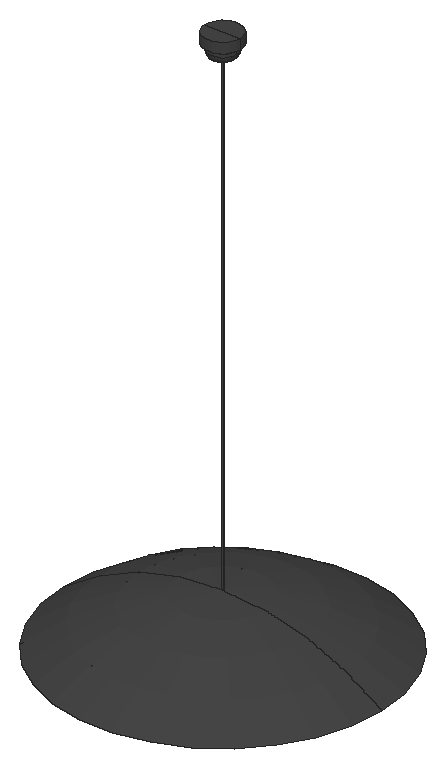
Revit family "OSDC 24,36,42,48 LED", category Lighting Fixtures, Revit 2020
Family settings
  Round Connector Dimension = Use Diameter
  Part Type = Normal
  OmniClass Number = 23.80.70.00
  OmniClass Title = Lighting
  Work Plane-Based = No
  Always vertical = Yes
  Cut with Voids When Loaded = No
  Light Source = Yes
  Shared = No
  Room Calculation Point = No
Parameters (values of type "OSDC48")
  Weight = "31.0 lbs"
  Wattage Comments = "37W"
  Wattage = 3.2 W
  Warranty = "5 year limited warranty"  # constant formula
  built-in parameter 1150110 = 1 (stored number, unit not read)
  Voltage = 277 V
  URL = "https://www.anplighting.com/assets/Uploads/product-attachments/specification-sheets/ANP-Specification-Sheet-RLM-LED-OSDC48.pdf"
  built-in parameter 1114217 = 1 (stored number, unit not read)
  Tilt Angle = 90.00°
  built-in parameter 1150109 = 1 (stored number, unit not read)
  built-in parameter 1150134 = (empty or 0)
  built-in parameter 1150113 = 1 (stored number, unit not read)
  OSDC48 = yes
  OSDC42 = no
  OSDC36 = no
  OSDC24 = no
  Mounting Option [instance] = 1
  Power Factor = 1
  Post Mount [instance] = Mounting Option = 5  # no
  Placement X axis side [instance] = if(Post Mount, 2' 2 15/32", if(Cord or Stem Mount, 0' 0", if(E36 20 inch, 1' 8 1/4", if(E 6 26 inch, 2' 2", if(E7 41 inch, 3' 5 1/4", 0' 1")))))  # 0' - 0"
  Photometric Web File = "OSDC48M037LDDW35K.ies"
  Model = "OSDC48"
  Manufacturer = "ANP Lighting"  # constant formula
  built-in parameter 1150105 = 4000 (stored number, unit not read)
  Lumens = 4000 lm
  built-in parameter 1150115 = 1 (stored number, unit not read)
  Load Classification = Lighting
  Light Source Height [instance] = 0' - 6"
  built-in parameter 1150137 = (empty or 0)
  built-in parameter 1150139 = (empty or 0)
  Light Elevation _2 [instance] = if(Post Mount, 0' 0.66142", if(E7 41 inch, 0' 0.66142", if(E36 20 inch, 0' 1.65748", if(E 6 26 inch, 0' 1.53543", if(Cord or Stem Mount, (0' 4.3622" + Cord Length), 0' 0")))))  # 6' - 4.3622"
  Light Elevation _1 [instance] = if(Post Mount, 0' 0", if(E7 41 inch, 0' 0", if(E36 20 inch, 0' 1", if(E 6 26 inch, 0' 0.87402", if(Cord or Stem Mount, (0' 3.66142" + Cord Length), 0' 0")))))  # 6' - 3.66142"
  Light Elevation [instance] = if(Post Mount, 14' 0.5315", if(E7 41 inch, 0' 0", 0' 0"))  # 0' - 0"
  Life = "L70 50,000 hours"  # constant formula
  built-in parameter 1150112 = 1 (stored number, unit not read)
  built-in parameter 1150114 = 1 (stored number, unit not read)
  Lamp = "LED"
  built-in parameter 1150132 = 2
  built-in parameter 1150102 = (empty or 0)
  built-in parameter 1150107 = 3500 (stored number, unit not read)
  built-in parameter 1150138 = (empty or 0)
  built-in parameter 1150106 = 40 (stored number, unit not read)
  INSIDE BODY = INSIDE BODY
  Fixture Height = 0' - 8"
  Fixture Diameter = 4' - 0"
  Efficiency = "65-125 lumens per watt"  # constant formula
  built-in parameter 1150104 = 116.13 (stored number, unit not read)
  E7 41 inch [instance] = Mounting Option = 4  # no
  E36 20 inch [instance] = Mounting Option = 3  # no
  E 6 26 inch [instance] = Mounting Option = 2  # no
  Dimming Lamp Color Temperature Shift = <None>
  Dimming = "1%"  # constant formula
  Description = "120-277 Voltage"  # constant formula
  Default Elevation = 0' - 0"
  Cord or Stem Mount [instance] = Mounting Option = 1  # yes
  Cord Length option [instance] = 0
  Cord Length [instance] = if([2' Cord], 2' 0", if([4' Cord], 4' 0", if([8' Cord], 8' 0", if([10' Cord], 10' 0", if([6' Cord], 6' 0", 6' 0")))))  # 6' - 0"
  Construction Material = "Heavy Duty spun aluminum."  # constant formula
  Color Filter = 16777215
  CRI = ">90"  # constant formula
  Bulb = Bulb
  Body Material = body
  Body Colour = "Spun aluminium"  # constant formula
  built-in parameter 1114218 = 1 (stored number, unit not read)
  built-in parameter 1150133 = 10 (stored number, unit not read)
  Apparent Load = 37 VA
  8' Cord [instance] = Cord Length option = 8  # no
  6' Cord [instance] = Cord Length option = 6  # no
  4' Cord [instance] = Cord Length option = 4  # no
  2' Cord [instance] = Cord Length option = 2  # no
  10' Cord [instance] = Cord Length option = 10  # no
Types (5): name | Weight | Wattage Comments | Wattage | URL | built-in parameter 1150134 | OSDC48 | OSDC42 | OSDC36 | OSDC24 | Model | built-in parameter 1150105 | Lumens | Light Source Height | built-in parameter 1150107 | built-in parameter 1150106 | Fixture Height | Fixture Diameter | Apparent Load
  (no name) | "31.0 lbs" | "37W" | 3.2 W | "https://www.anplighting.com/assets/Uploads/product-attachments/specification-sheets/ANP-Specification-Sheet-RLM-LED-OSDC48.pdf" | (empty or 0) | yes | no | no | no | "OSDC48" | 4000 (stored number, unit not read) | 4000 lm | 0' - 6" | 3500 (stored number, unit not read) | 40 (stored number, unit not read) | 0' - 8" | 4' - 0" | 37 VA
  OSDC24 | "13.0 lbs" | "16W" | 1.6 W | "https://www.anplighting.com/assets/Uploads/product-attachments/specification-sheets/ANP-Specification-Sheet-RLM-LED-OSDC24.pdf" | 12 | no | no | no | yes | "OSDC24" | 159.15 (stored number, unit not read) | 2000 lm | 0' - 4" | 4000 (stored number, unit not read) | 1.5915 (stored number, unit not read) | 0' - 5" | 2' - 0" | 16 VA
  OSDC36 | "20.0 lbs" | "37W" | 3.2 W | "https://www.anplighting.com/assets/Uploads/product-attachments/specification-sheets/ANP-Specification-Sheet-RLM-LED-OSDC36.pdf" | 12 | no | no | yes | no | "OSDC36" | 4000 (stored number, unit not read) | 4000 lm | 0' - 5" | 4000 (stored number, unit not read) | 40 (stored number, unit not read) | 0' - 5" | 3' - 0" | 37 VA
  OSDC42 | "25.0 lbs" | "37W" | 3.2 W | "https://www.anplighting.com/assets/Uploads/product-attachments/specification-sheets/ANP-Specification-Sheet-RLM-LED-OSDC42.pdf" | 12 | no | yes | no | no | "OSDC42" | 4000 (stored number, unit not read) | 4000 lm | 0' - 5 1/2" | 4000 (stored number, unit not read) | 40 (stored number, unit not read) | 0' - 8" | 3' - 6" | 37 VA
  OSDC48 | "31.0 lbs" | "37W" | 3.2 W | "https://www.anplighting.com/assets/Uploads/product-attachments/specification-sheets/ANP-Specification-Sheet-RLM-LED-OSDC48.pdf" | (empty or 0) | yes | no | no | no | "OSDC48" | 4000 (stored number, unit not read) | 4000 lm | 0' - 6" | 3500 (stored number, unit not read) | 40 (stored number, unit not read) | 0' - 8" | 4' - 0" | 37 VA
Reference planes (in)
  plane 1 "Light Source Axis (F/B)": y = 0
  plane 2: z = 0
  plane 3 "Light Source Axis (L/R)": x = 0
  plane 4 "Light Source Elevation": z = 0
  plane 5: z = 0
  plane 6: x = 0
  plane 7 "Bulb Position": z = -76.3622
  plane 8 "Canopy Position": z = -75.66142
  plane 9 "IES": z = -82.3622
Dimensions and locks (in)
  "Light Elevation": plane 5 to plane 2
  "Placement X axis side": plane 6 to plane 3 "Light Source Axis (L/R)"
  "Light Elevation _2": plane 5 to plane 7 "Bulb Position"
  "Light Elevation _1": plane 5 to plane 8 "Canopy Position"
  "Light Source Height": plane 7 "Bulb Position" to plane 9 "IES"
  locked: plane 4 "Light Source Elevation" to plane 2
  aligned and locked: level to plane 2
  aligned and locked: plane 1 "Light Source Axis (F/B)" to nested 5
  aligned and locked: nested 5 to plane 2
  aligned and locked: nested 1 to plane 3 "Light Source Axis (L/R)"
  aligned and locked: plane 3 "Light Source Axis (L/R)" to nested 2
  aligned and locked: plane 3 "Light Source Axis (L/R)" to nested 4
  aligned and locked: nested 3 to plane 5
  aligned and locked: plane 3 "Light Source Axis (L/R)" to nested 3
  aligned and locked: plane 3 "Light Source Axis (L/R)" to nested 5
  aligned and locked: plane 1 "Light Source Axis (F/B)" to nested 2
  aligned and locked: plane 1 "Light Source Axis (F/B)" to nested 1
  aligned and locked: plane 1 "Light Source Axis (F/B)" to nested 4
  aligned and locked: plane 1 "Light Source Axis (F/B)" to nested 3
  aligned and locked: plane 2 to nested 1
  aligned and locked: plane 2 to nested 2
  aligned and locked: nested 4 to plane 2
  aligned and locked: imposter light to plane 9 "IES"
  aligned and locked: imposter light to plane 6
  aligned and locked: nested 6 to plane 8 "Canopy Position"
  aligned and locked: nested 8 to plane 8 "Canopy Position"
  aligned and locked: nested 7 to plane 8 "Canopy Position"
  aligned and locked: nested 9 to plane 8 "Canopy Position"
  aligned and locked: nested 6 to plane 6
  aligned and locked: nested 7 to plane 6
  aligned and locked: nested 8 to plane 6
  aligned and locked: nested 9 to plane 6
Nested families (in)
  nested 1: "CORD OR STEM MOUNT" at (0, 0, -75.67), visible <- "Cord or Stem Mount", Cord or Stem Mount <- "Cord or Stem Mount", Body Material <- "Body Material", Light Elevation <- "Light Elevation", Cord Length <- "Cord Length", 10' Cord <- "10' Cord", 2' Cord <- "2' Cord", 4' Cord <- "4' Cord", 6' Cord <- "6' Cord", 8' Cord <- "8' Cord", type "CORD OR STEM MOUNT"
    with Light Elevation 0' - 0", Cord or Stem Mount yes, Cord Length 6' - 0", Body Material body, 8' Cord no, 6' Cord no, 4' Cord no, 2' Cord no, 10' Cord no
  nested 2: "E6 26 INCH" at (0, 0, 0), visible <- "E 6 26 inch", Chain Length <- "Cord Length", E 6 26 inch <- "E 6 26 inch", Placement X axis side <- "Placement X axis side", Body Material <- "Body Material", Light Elevation <- "Light Elevation", type "E6 26 INCH"
    with Placement X axis side 0' - 0", Light Elevation 0' - 0", E 6 26 inch no, Chain Length 6' - 0", Body Material body
  nested 3: "E7 41 INCH" at (0, 0, 0), Chain Length <- "Cord Length", visible <- "E7 41 inch", E7 41 inch <- "E7 41 inch", Placement X axis side <- "Placement X axis side", Body Material <- "Body Material", Light Elevation <- "Light Elevation", type "E7 41 INCH"
    with Placement X axis side 0' - 0", Light Elevation 0' - 0", E7 41 inch no, Chain Length 6' - 0", Body Material body
  nested 4: "E36 20 INCH" at (0, 0, 0), visible <- "E36 20 inch", E36 20 inch <- "E36 20 inch", Placement X axis side <- "Placement X axis side", Chain Length <- "Cord Length", Body Material <- "Body Material", Light Elevation <- "Light Elevation", type "E36 20 INCH"
    with Placement X axis side 0' - 0", Light Elevation 0' - 0", E36 20 inch no, Chain Length 6' - 0", Body Material body
  nested 5: "POST MOUNT" at (0, 0, 0), visible <- "Post Mount", Post Mount <- "Post Mount", Placement X axis side <- "Placement X axis side", Chain Length <- "Cord Length", Body Material <- "Body Material", Light Elevation <- "Light Elevation", type "POST MOUNT"
    with Post Mount no, Placement X axis side 0' - 0", Light Elevation 0' - 0", Chain Length 6' - 0", Body Material body
  nested 6: "OSDC24" at (0, 0, -75.66142), Light Elevation <- "Light Elevation", Body <- "Body Material", Bulb <- "Bulb", INSIDE BODY <- "INSIDE BODY", OSDC24 <- "OSDC24", visible <- "OSDC24", type "OSDC24"
    with OSDC24 no, Light Elevation 0' - 0", INSIDE BODY INSIDE BODY, Bulb Bulb, Body body
  nested 7: "OSDC36" at (0, 0, -75.66142), Light Elevation <- "Light Elevation", Body <- "Body Material", Bulb <- "Bulb", OSDC36 <- "OSDC36", visible <- "OSDC36", type "OSDC36"
    with OSDC36 no, Light Elevation 0' - 0", INSIDE BODY none, Bulb Bulb, Body body
  nested 8: "OSDC42" at (0, 0, -75.66142), Light Elevation <- "Light Elevation", Body <- "Body Material", Bulb <- "Bulb", INSIDE BODY <- "INSIDE BODY", OSDC42 <- "OSDC42", visible <- "OSDC42", type "OSDC42"
    with OSDC42 no, Light Elevation 0' - 0", INSIDE BODY INSIDE BODY, Bulb Bulb, Body body
  nested 9: "OSDC48" at (0, 0, -75.66142), Light Elevation <- "Light Elevation", Body <- "Body Material", Bulb <- "Bulb", visible <- "OSDC48", type "OSDC48"
    with Light Elevation 0' - 0", Bulb Bulb, Body body
Definition of nested family "CORD OR STEM MOUNT"
  Parameters (values of type "CORD OR STEM MOUNT")
    URL = ""
    Model = ""
    Manufacturer = ""
    Light Elevation [instance] = 1' - 7.69"
    Default Elevation = 0' - 0"
    Cord or Stem Mount [instance] = yes
    Cord Length [instance] = 6' - 0"
    Body Material [instance] = none
    8' Cord [instance] = no
    6' Cord [instance] = no
    4' Cord [instance] = no
    2' Cord [instance] = no
    10' Cord [instance] = no
  Reference planes (in)
    plane 1 "Light Source Axis (F/B)": y = 0
    plane 2: z = 0
    plane 3 "Light Source Axis (L/R)": x = 0
    plane 4 "Light Source Elevation": z = 23.125
    plane 5: z = 91.69
    plane 6: z = 19.69
  Forms (in)
    Extrusion 1, void, not visible
      sketch origin (0, 0, 2.38154) x (1, 0, 0) y (0, 0, 1)
        loop
          circle (0, 4.59925) r 0.16583
      from 1.18594 to 1.75
    Extrusion 2, void, not visible
      sketch origin (0, 0, 2.38154) x (0.707107, -0.707107, 0) y (0, 0, 1)
        loop
          circle (0, 4.59925) r 0.16583
      from 1.18594 to 1.75
    Extrusion 3, void, not visible
      sketch origin (0, 0, 2.38154) x (0.707107, 0.707107, 0) y (0, 0, 1)
        loop
          circle (0, 4.59925) r 0.16583
      from 1.18594 to 1.75
    Extrusion 4, void, not visible
      sketch origin (0, 0, 2.38154) x (0, 1, 0) y (0, 0, 1)
        loop
          circle (0, 4.59925) r 0.16583
      from 1.18594 to 1.75
    Extrusion 5, void, not visible
      sketch origin (0, 0, 2.38154) x (-0.707107, 0.707107, 0) y (0, 0, 1)
        loop
          circle (0, 4.59925) r 0.16583
      from 1.18594 to 1.75
    Extrusion 6, void, not visible
      sketch origin (0, 0, 2.38154) x (-1, 0, 0) y (0, 0, 1)
        loop
          circle (0, 4.59925) r 0.20678
      from 1.18594 to 1.75
    Extrusion 7, void, not visible
      sketch origin (0, 0, 2.38154) x (-0.707107, -0.707107, 0) y (0, 0, 1)
        loop
          circle (0, 4.59925) r 0.16583
      from 1.18594 to 1.75
    Extrusion 8, void, not visible
      sketch origin (0, 0, 2.38154) x (0, -1, 0) y (0, 0, 1)
        loop
          circle (0, 4.59925) r 0.16583
      from 1.18594 to 1.75
    Revolve 9, solid, material <- "Body Material", visible <- "Cord or Stem Mount"
      sketch origin (0, 0, 174.56698) x (1, 0, 0) y (0, 0, 1)
        loop
          line (2.6875, -79.20698) -> (0, -79.20698) -> (0, -82.87698) -> (0.125, -82.87698) -> (0.125, -82.83698) -> (0.75, -82.83698)
          arc (0.75, -82.83698) -> (0.81694, -82.77004) -> (0.75, -82.7031) r 0.06694
          line (0.75, -82.7031) -> (0.89763, -82.7031) -> (1.00223, -82.5985) -> (1.06587, -82.5985)
          arc (1.06587, -82.5985) -> (1.80099, -82.29401) -> (2.10549, -81.55888) r 1.03962
          line (2.10549, -81.55888) -> (2.10549, -81.03899)
          arc (2.10549, -81.03899) -> (2.12951, -80.981) -> (2.1875, -80.95698) r 0.08201
          line (2.1875, -80.95698) -> (2.1875, -80.70698) -> (2.6875, -80.70698) -> (2.6875, -79.20698)
        axis (0, -79.20698) -> (0, -82.87698)
      angle from 0 to 360
    Revolve 10, solid, material <- "Body Material", visible <- "Cord or Stem Mount"
      sketch origin (0, 0, 0) x (1, 0, 0) y (0, 0, 1)
        loop
          line (0, 91.69) -> (-0.125, 91.69) -> (-0.125, 19.69) -> (0, 19.69) -> (0, 91.69)
        axis (0, 19.69) -> (0, 91.69)
      angle from 0 to 360
  Dimensions and locks (in)
    "Light Elevation": plane 6 to plane 2
    "Cord Length": plane 5 to plane 6
    locked: Revolve 10 sketch curve to Revolve 10 sketch curve at 0.125
    aligned and locked: level to plane 2
    aligned and locked: Revolve 10 sketch curve to plane 3 "Light Source Axis (L/R)"
    aligned and locked: Revolve 10 sketch curve to plane 6
    aligned and locked: Revolve 10 sketch curve to plane 5
    aligned and locked: plane 3 "Light Source Axis (L/R)" to Revolve 10 sketch curve
  Automatic sketch dimensions
    Revolve 9 sketch curve to plane 3 "Light Source Axis (L/R)" = 0' - 0"  (x2)
    Revolve 9 sketch curve to plane 5 = 0' - 0"
    plane 3 "Light Source Axis (L/R)" to Revolve 9 sketch curve = 0' - 0 1/8"
    Revolve 9 sketch curve to plane 5 = 0' - 0.17388"
    Revolve 9 sketch curve to Revolve 9 sketch curve = 0' - 0 5/8"
    Revolve 9 sketch curve to Revolve 9 sketch curve = 0' - 0.14763"
    Revolve 9 sketch curve to plane 5 = 0' - 0.27847"
    Revolve 9 sketch curve to Revolve 9 sketch curve = 0' - 0.1046"
    Revolve 9 sketch curve to Revolve 9 sketch curve = 0' - 0.06364"
    Revolve 9 sketch curve to Revolve 9 sketch curve = 0' - 1.03962"
    Revolve 9 sketch curve to Revolve 9 sketch curve = 0' - 0 21/256"
    Revolve 9 sketch curve to Revolve 9 sketch curve = 0' - 0 1/2"  (x2)
    Revolve 9 sketch curve to Revolve 9 sketch curve = 0' - 0.51989"
    Revolve 9 sketch curve to Revolve 9 sketch curve = 0' - 0 1/4"
    Revolve 9 sketch curve to Revolve 9 sketch curve = 0' - 2.3519"
    Revolve 9 sketch curve to Revolve 9 sketch curve = 0' - 1 1/4"
    Revolve 9 sketch curve to Revolve 9 sketch curve = 0' - 0.04"
    Revolve 10 sketch curve to Revolve 10 sketch curve = 0' - 0 1/2"
    Revolve 10 sketch curve to Revolve 10 sketch curve = 0' - 0.42345"
Definition of nested family "OSDC48"
  Parameters (values of type "OSDC48")
    OSDC48 = yes
    Light Elevation [instance] = 0' - 0"
    INSIDE BODY = none
    Default Elevation = 0' - 0"
    Bulb [instance] = none
    Body [instance] = none
  Reference planes (in)
    plane 1 "Center (Front/Back)": y = 0
    plane 2: z = 0
    plane 3 "Center (Left/Right)": x = 0
    plane 4: z = 0
  Dimensions and locks (in)
    "Light Elevation": plane 4 to plane 2
    locked: plane 4 to nested 1 at 3.99951
    aligned and locked: plane 2 to level
    aligned and locked: plane 3 "Center (Left/Right)" to nested 1
    aligned and locked: plane 1 "Center (Front/Back)" to nested 1
    aligned and locked: plane 4 to nested 1
  Nested families (in)
    nested 1: "Family17" at (0, 0, -7.99951), Body <- "Body", INSIDE BODY <- "INSIDE BODY", visible <- "OSDC48", OSDC48 <- "OSDC48", Bulb <- "Bulb", type "Family17"
      with OSDC48 yes, INSIDE BODY none, Body none
  Definition of nested family "Family17"
    Parameters (values of type "Family17")
      OSDC48 [instance] = yes
      INSIDE BODY [instance] = none
      Default Elevation = 0' - 0"
      Bulb [instance] = none
      Body [instance] = none
    Reference planes (in)
      plane 1 "Center (Front/Back)": y = 0
      plane 2: z = 0
      plane 3 "Center (Left/Right)": x = 0
    Forms (in)
      Revolve 1, solid, material <- "Body", visible <- "OSDC48"
        sketch origin (0, 0, 0) x (1, 0, 0) y (0, 0, 1)
          loop
            line (0.1985, 7.99951) -> (0.1985, 7.89951)
            arc (0.1985, 7.89951) -> (12.64826, 5.84219) -> (23.83296, 0) r 39.9
            line (23.83296, 0) -> (24, 0)
            arc (24, 0) -> (12.74323, 5.91583) -> (0.1985, 7.99951) r 40
          axis (0, 0) -> (0, 7.99951)
        angle from 0 to 360
      Revolve 2, solid, material <- "INSIDE BODY", visible <- "OSDC48"
        sketch origin (0, 0, 0) x (1, 0, 0) y (0, 0, 1)
          loop
            line (0.1985, 7.89951) -> (0.1985, 7.79951)
            arc (0.1985, 7.79951) -> (12.55546, 5.77571) -> (23.66543, 0) r 39.65652
            line (23.66543, 0) -> (23.83296, 0)
            arc (23.83296, 0) -> (12.65066, 5.84939) -> (0.1985, 7.89951) r 39.75652
          axis (0, 0) -> (0, 7.89951)
        angle from 0 to 360
      Revolve 3, solid, material <- "Bulb", visible <- "OSDC48"
        sketch origin (0, 0, 0) x (1, 0, 0) y (0, 0, 1)
          loop
            line (5.75, 4) -> (5.75, 4.1) -> (1.89737, 4.1)
            arc (1.89737, 4.1) -> (1.3784, 2.69233) -> (0, 2.1) r 1.9
            line (0, 2.1) -> (0, 2)
            arc (0, 2) -> (1.41421, 2.58579) -> (2, 4) r 2
            line (2, 4) -> (5.75, 4)
          axis (0, 4.1) -> (0, 2)
        angle from 0 to 360
    Dimensions and locks (in)
      locked: Revolve 3 to Revolve 1 at 4.1
      aligned and locked: plane 2 to level
Definition of nested family "E6 26 INCH"
  Parameters (values of type "E6 26 INCH")
    URL = ""
    Placement X axis side [instance] = 2' - 2"
    Model = ""
    Manufacturer = ""
    Light Elevation [instance] = 8' - 4"
    E 6 26 inch [instance] = yes
    Default Elevation = 0' - 0"
    Chain Length [instance] = 0' - 0"
    Body Material [instance] = none
  Reference planes (in)
    plane 1 "Light Source Axis (F/B)": y = 0
    plane 2: z = 0
    plane 3 "Light Source Axis (L/R)": x = 0
    plane 4 "Light Source Elevation": z = 23.125
    plane 5: z = 100
    plane 6: x = -26
    plane 7: z = 99.125
    plane 8: x = -24.12
    plane 9: x = -25.5474
  Forms (in)
    Extrusion 1, void, not visible
      sketch origin (0, 0, 2.38154) x (1, 0, 0) y (0, 0, 1)
        loop
          circle (0, 4.59925) r 0.16583
      from 1.18594 to 1.75
    Extrusion 2, void, not visible
      sketch origin (0, 0, 2.38154) x (0.707107, -0.707107, 0) y (0, 0, 1)
        loop
          circle (0, 4.59925) r 0.16583
      from 1.18594 to 1.75
    Extrusion 3, void, not visible
      sketch origin (0, 0, 2.38154) x (0.707107, 0.707107, 0) y (0, 0, 1)
        loop
          circle (0, 4.59925) r 0.16583
      from 1.18594 to 1.75
    Extrusion 4, void, not visible
      sketch origin (0, 0, 2.38154) x (0, 1, 0) y (0, 0, 1)
        loop
          circle (0, 4.59925) r 0.16583
      from 1.18594 to 1.75
    Extrusion 5, void, not visible
      sketch origin (0, 0, 2.38154) x (-0.707107, 0.707107, 0) y (0, 0, 1)
        loop
          circle (0, 4.59925) r 0.16583
      from 1.18594 to 1.75
    Extrusion 6, void, not visible
      sketch origin (0, 0, 2.38154) x (-1, 0, 0) y (0, 0, 1)
        loop
          circle (0, 4.59925) r 0.20678
      from 1.18594 to 1.75
    Extrusion 7, void, not visible
      sketch origin (0, 0, 2.38154) x (-0.707107, -0.707107, 0) y (0, 0, 1)
        loop
          circle (0, 4.59925) r 0.16583
      from 1.18594 to 1.75
    Extrusion 8, void, not visible
      sketch origin (0, 0, 2.38154) x (0, -1, 0) y (0, 0, 1)
        loop
          circle (0, 4.59925) r 0.16583
      from 1.18594 to 1.75
    Sweep 9, solid, material <- "Body Material", visible <- "E 6 26 inch"
      path origin (-41.25, 0, 168.51693) x (1, 0, 0) y (0, 0, 1)
        loop
          line (17.13, -68.51693) -> (27.68551, -68.51693)
          arc (27.68551, -68.51693) -> (28.47996, -68.34486) -> (29.13202, -67.8595) r 1.92004
          line (29.13202, -67.8595) -> (34.23651, -62.01155)
          arc (34.23651, -62.01155) -> (38.65464, -60.89667) -> (41.25, -64.64193) r 4
          line (41.25, -64.64193) -> (41.25, -69.39193)
      profile origin (-18.84224, 0, 100) x (0, 0, 1) y (0, -1, 0)
        loop
          circle (0, 0) r 0.5
    Revolve 10, solid, material <- "Body Material", visible <- "E 6 26 inch"
      sketch origin (-26, 0, 168.51693) x (1, 0, 0) y (0, 0, 1)
        loop
          line (0, -66.07943) -> (0, -68.51693) -> (1.88, -68.51693) -> (1.88, -67.69272) -> (0.4526, -67.69272) -> (0.4526, -66.54122) -> (0.33125, -66.54122) -> (0.33125, -66.07943) -> (0, -66.07943)
        axis (0, -68.51693) -> (1.88, -68.51693)
      angle from 0 to 360
    Extrusion 11, solid, material <- "Body Material", visible <- "E 6 26 inch"
      sketch origin (-26, 0, 168.51693) x (0, -1, 0) y (0, 0, -1)
        loop
          line (0.25, 68.51693) -> (0.25, 69.51693) -> (-0.25, 69.51693) -> (-0.25, 68.51693) -> (0.25, 68.51693)
      from 0.4526 to 1.88
  Cuts and joins
    joined: Revolve 10, Extrusion 11
  Dimensions and locks (in)
    "Light Elevation": plane 5 to plane 2
    "Placement X axis side": plane 3 "Light Source Axis (L/R)" to plane 6
    locked: plane 5 to plane 7 at 0.875
    Revolve 10 sketch curve to Revolve 10 sketch curve to Revolve 10 sketch curve to plane 6 = 0' - 1.4274" locked, 0' - 0.12135" locked, 0' - 0.33125" locked
    Revolve 10 sketch curve to Revolve 10 sketch curve to Revolve 10 sketch curve to plane 5 = 0' - 0.46179" locked, 0' - 1.1515" locked, 0' - 0 211/256" locked
    locked: Sweep 9 sketch curve to plane 6 at 1.88
    locked: Sweep 9 sketch curve to Sweep 9 sketch curve at 10.55551
    locked: Sweep 9 sketch curve to Sweep 9 sketch curve at 13.56449
    locked: Sweep 9 sketch curve to Sweep 9 sketch curve at 4.75
    locked: plane 9 to plane 6 at 0.4526
    locked: plane 8 to plane 9 at 1.4274
    aligned and locked: level to plane 2
    aligned and locked: Revolve 10 sketch curve to plane 6
    aligned and locked: plane 5 to Revolve 10 sketch curve
    aligned and locked: Revolve 10 sketch curve to plane 5
    aligned and locked: cut or joined group of Revolve 10, Extrusion 11 to plane 9
    aligned and locked: plane 8 to cut or joined group of Revolve 10, Extrusion 11
  Automatic sketch dimensions
    Sweep 9 sketch curve to plane 5 = 0' - 0"
    Sweep 9 sketch curve to Sweep 9 sketch curve = 0' - 4"
    Sweep 9 sketch curve to Sweep 9 sketch curve = 0' - 3.01349"
    plane 5 to Sweep 9 sketch curve = 0' - 0.65743"
    Sweep 9 sketch curve to Sweep 9 sketch curve = 0' - 1.4465"
    Sweep 9 sketch curve to plane 5 = 0' - 0 7/8"
    profile plane to Sweep 9 sketch curve = 0' - 0"
    Sweep 9 sketch curve to profile plane = 0' - 0"
    plane 6 to Revolve 10 sketch curve = 0' - 0.62562"
    Revolve 10 sketch curve to Revolve 10 sketch curve = 0' - 0 1/2"
    Extrusion 11 sketch curve to plane 5 = 0' - 0"
    plane 1 "Light Source Axis (F/B)" to Extrusion 11 sketch curve = 0' - 0 1/4"
    Extrusion 11 sketch curve to plane 1 "Light Source Axis (F/B)" = 0' - 0 1/4"
    plane 5 to Extrusion 11 sketch curve = 0' - 1"
    radius of Sweep 9 sketch curve = 0' - 0 1/2"
Definition of nested family "E7 41 INCH"
  Parameters (values of type "E7 41 INCH")
    URL = ""
    Placement X axis side [instance] = 4' - 2"
    Model = ""
    Manufacturer = ""
    Light Elevation [instance] = 8' - 4"
    E7 41 inch [instance] = yes
    Default Elevation = 0' - 0"
    Chain Length [instance] = 0' - 0"
    Body Material [instance] = none
  Reference planes (in)
    plane 1 "Light Source Axis (F/B)": y = 0
    plane 2: z = 0
    plane 3 "Light Source Axis (L/R)": x = 0
    plane 4 "Light Source Elevation": z = 23.125
    plane 5: z = 100
    plane 6: x = -50
  Forms (in)
    Extrusion 1, void, not visible
      sketch origin (0, 0, 2.38154) x (1, 0, 0) y (0, 0, 1)
        loop
          circle (0, 4.59925) r 0.16583
      from 1.18594 to 1.75
    Extrusion 2, void, not visible
      sketch origin (0, 0, 2.38154) x (0.707107, -0.707107, 0) y (0, 0, 1)
        loop
          circle (0, 4.59925) r 0.16583
      from 1.18594 to 1.75
    Extrusion 3, void, not visible
      sketch origin (0, 0, 2.38154) x (0.707107, 0.707107, 0) y (0, 0, 1)
        loop
          circle (0, 4.59925) r 0.16583
      from 1.18594 to 1.75
    Extrusion 4, void, not visible
      sketch origin (0, 0, 2.38154) x (0, 1, 0) y (0, 0, 1)
        loop
          circle (0, 4.59925) r 0.16583
      from 1.18594 to 1.75
    Extrusion 5, void, not visible
      sketch origin (0, 0, 2.38154) x (-0.707107, 0.707107, 0) y (0, 0, 1)
        loop
          circle (0, 4.59925) r 0.16583
      from 1.18594 to 1.75
    Extrusion 6, void, not visible
      sketch origin (0, 0, 2.38154) x (-1, 0, 0) y (0, 0, 1)
        loop
          circle (0, 4.59925) r 0.20678
      from 1.18594 to 1.75
    Extrusion 7, void, not visible
      sketch origin (0, 0, 2.38154) x (-0.707107, -0.707107, 0) y (0, 0, 1)
        loop
          circle (0, 4.59925) r 0.16583
      from 1.18594 to 1.75
    Extrusion 8, void, not visible
      sketch origin (0, 0, 2.38154) x (0, -1, 0) y (0, 0, 1)
        loop
          circle (0, 4.59925) r 0.16583
      from 1.18594 to 1.75
    Revolve 9, solid, material <- "Body Material", visible <- "E7 41 inch"
      sketch origin (-41.25, 0, 168.39193) x (1, 0, 0) y (0, 0, 1)
        loop
          line (-8.75, -66.20443) -> (-8.75, -68.51693) -> (-6.87, -68.51693) -> (-6.87, -67.69272) -> (-8.2974, -67.69272) -> (-8.2974, -66.54122) -> (-8.41875, -66.54122) -> (-8.41875, -66.20443) -> (-8.75, -66.20443)
        axis (-8.75, -68.51693) -> (-6.87, -68.51693)
      angle from 0 to 360
    Extrusion 10, solid, material <- "Body Material", visible <- "E7 41 inch"
      sketch origin (-41.25, 0, 168.39193) x (0, -1, 0) y (0, 0, -1)
        loop
          line (0.25, 68.51693) -> (0.25, 69.51693) -> (-0.25, 69.51693) -> (-0.25, 68.51693) -> (0.25, 68.51693)
      from -8.2974 to -6.87
    Sweep 11, solid, material <- "Body Material", visible <- "E7 41 inch"
      path origin (-41.25, 0, 168.39193) x (1, 0, 0) y (0, 0, 1)
        loop
          line (-6.87, -68.51693) -> (16.04011, -68.51693)
          arc (16.04011, -68.51693) -> (17.864, -68.13651) -> (19.38375, -67.0587) r 4.5625
          line (19.38375, -67.0587) -> (24.70217, -61.33018)
          arc (24.70217, -61.33018) -> (29.64465, -60.20324) -> (32.5, -64.39193) r 4.5
          line (32.5, -64.39193) -> (32.5, -68.39193)
      profile origin (-36.66494, 0, 99.875) x (0, 0, 1) y (0, -1, 0)
        loop
          circle (0, 0) r 0.5
  Dimensions and locks (in)
    "Placement X axis side": plane 3 "Light Source Axis (L/R)" to plane 6
    "Light Elevation": plane 5 to plane 2
    locked: Revolve 9 sketch curve to Revolve 9 sketch curve at 0.33125
    locked: Revolve 9 sketch curve to Revolve 9 sketch curve at 0.4526
    locked: Revolve 9 sketch curve to Revolve 9 sketch curve at 1.88
    locked: Revolve 9 sketch curve to Revolve 9 sketch curve at 0.82421
    locked: Revolve 9 sketch curve to Revolve 9 sketch curve at 1.1515
    locked: Revolve 9 sketch curve to Revolve 9 sketch curve at 0.33679
    locked: plane 5 to Revolve 9 sketch curve at 0.125
    locked: Extrusion 10 sketch curve to Extrusion 10 sketch curve at 0.5
    locked: Extrusion 10 sketch curve to Extrusion 10 sketch curve at 1
    locked: plane 5 to Extrusion 10 sketch curve at 0.125
    locked: plane 5 to Sweep 11 sketch curve at 0.125
    locked: Sweep 11 sketch curve to Sweep 11 sketch curve at 39.37
    locked: Sweep 11 sketch curve to Sweep 11 sketch curve at 4
    locked: plane 6 to Extrusion 10 at 0.4526
    locked: Sweep 11 sketch curve to plane 6 at 1.88
    locked: Extrusion 10 to Extrusion 10 at 1.4274
    aligned and locked: plane 2 to level
    aligned and locked: Revolve 9 sketch curve to plane 6
  Automatic sketch dimensions
    Revolve 9 sketch curve to plane 5 = 0' - 0 1/8"
    plane 6 to Revolve 9 sketch curve = 0' - 0.62562"
    Revolve 9 sketch curve to Revolve 9 sketch curve = 0' - 0 1/2"
    plane 1 "Light Source Axis (F/B)" to Extrusion 10 sketch curve = 0' - 0 1/4"
    Sweep 11 sketch curve to plane 5 = 0' - 0"
    Sweep 11 sketch curve to Sweep 11 sketch curve = 0' - 4 1/2"
    Sweep 11 sketch curve to Sweep 11 sketch curve = 0' - 3.29783"
    plane 5 to Sweep 11 sketch curve = 0' - 1.33323"
    Sweep 11 sketch curve to Sweep 11 sketch curve = 0' - 5.31842"
    Sweep 11 sketch curve to Sweep 11 sketch curve = 0' - 3.34364"
    profile plane to Sweep 11 sketch curve = 0' - 0"
    Sweep 11 sketch curve to profile plane = 0' - 0"
    radius of Sweep 11 sketch curve = 0' - 0 1/2"
Definition of nested family "E36 20 INCH"
  Parameters (values of type "E36 20 INCH")
    URL = ""
    Placement X axis side [instance] = 1' - 8 1/4"
    Model = ""
    Manufacturer = ""
    Light Elevation [instance] = 8' - 4"
    E36 20 inch [instance] = yes
    Default Elevation = 0' - 0"
    Chain Length [instance] = 0' - 0"
    Body Material [instance] = none
  Reference planes (in)
    plane 1 "Light Source Axis (F/B)": y = 0
    plane 2: z = 0
    plane 3 "Light Source Axis (L/R)": x = 0
    plane 4 "Light Source Elevation": z = 23.125
    plane 5: z = 99
    plane 6: x = -20.25
    plane 7: z = 100
    plane 8: x = -18.37008
    plane 9: x = -19.79724
  Forms (in)
    Extrusion 1, void, not visible
      sketch origin (0, 0, 2.38154) x (1, 0, 0) y (0, 0, 1)
        loop
          circle (0, 4.59925) r 0.16583
      from 1.18594 to 1.75
    Extrusion 2, void, not visible
      sketch origin (0, 0, 2.38154) x (0.707107, -0.707107, 0) y (0, 0, 1)
        loop
          circle (0, 4.59925) r 0.16583
      from 1.18594 to 1.75
    Extrusion 3, void, not visible
      sketch origin (0, 0, 2.38154) x (0.707107, 0.707107, 0) y (0, 0, 1)
        loop
          circle (0, 4.59925) r 0.16583
      from 1.18594 to 1.75
    Extrusion 4, void, not visible
      sketch origin (0, 0, 2.38154) x (0, 1, 0) y (0, 0, 1)
        loop
          circle (0, 4.59925) r 0.16583
      from 1.18594 to 1.75
    Extrusion 5, void, not visible
      sketch origin (0, 0, 2.38154) x (-0.707107, 0.707107, 0) y (0, 0, 1)
        loop
          circle (0, 4.59925) r 0.16583
      from 1.18594 to 1.75
    Extrusion 6, void, not visible
      sketch origin (0, 0, 2.38154) x (-1, 0, 0) y (0, 0, 1)
        loop
          circle (0, 4.59925) r 0.20678
      from 1.18594 to 1.75
    Extrusion 7, void, not visible
      sketch origin (0, 0, 2.38154) x (-0.707107, -0.707107, 0) y (0, 0, 1)
        loop
          circle (0, 4.59925) r 0.16583
      from 1.18594 to 1.75
    Extrusion 8, void, not visible
      sketch origin (0, 0, 2.38154) x (0, -1, 0) y (0, 0, 1)
        loop
          circle (0, 4.59925) r 0.16583
      from 1.18594 to 1.75
    Sweep 9, solid, material <- "Body Material", visible <- "E36 20 inch"
      path origin (-41.25, 0, 169.51693) x (1, 0, 0) y (0, 0, 1)
        loop
          line (22.88, -69.51693) -> (28.93827, -69.51693)
          arc (28.93827, -69.51693) -> (29.97705, -69.28152) -> (30.81284, -68.62128) r 2.40953
          line (30.81284, -68.62128) -> (34.13807, -64.50378)
          arc (34.13807, -64.50378) -> (38.58272, -63.24548) -> (41.25, -67.01693) r 4
          line (41.25, -67.01693) -> (41.25, -70.51693)
      profile origin (-15.34086, 0, 100) x (0, 0, 1) y (0, -1, 0)
        loop
          circle (0, 0) r 0.5
    Revolve 10, solid, material <- "Body Material", visible <- "E36 20 inch"
      sketch origin (-20.25, 0, 169.51693) x (1, 0, 0) y (0, 0, 1)
        loop
          line (0, -67.20443) -> (0, -69.51693) -> (1.88, -69.51693) -> (1.88, -68.69272) -> (0.4526, -68.69272) -> (0.4526, -67.54122) -> (0.33125, -67.54122) -> (0.33125, -67.20443) -> (0, -67.20443)
        axis (0, -69.51693) -> (1.88, -69.51693)
      angle from 0 to 360
    Extrusion 11, solid, material <- "Body Material", visible <- "E36 20 inch"
      sketch origin (-20.25, 0, 169.51693) x (0, -1, 0) y (0, 0, -1)
        loop
          line (0.25, 69.51693) -> (0.25, 70.51693) -> (-0.25, 70.51693) -> (-0.25, 69.51693) -> (0.25, 69.51693)
      from 1.87992 to 0.45276
  Cuts and joins
    joined: Revolve 10, Extrusion 11
  Dimensions and locks (in)
    "Light Elevation": plane 7 to plane 2
    "Placement X axis side": plane 3 "Light Source Axis (L/R)" to plane 6
    locked: plane 7 to plane 5 at 1
    Revolve 10 sketch curve to Revolve 10 sketch curve to Revolve 10 sketch curve to plane 7 = 0' - 0.33679" locked, 0' - 1.1515" locked, 0' - 0 211/256" locked
    locked: Sweep 9 sketch curve to plane 6 at 1.88
    locked: Sweep 9 sketch curve to Sweep 9 sketch curve at 6.05827
    locked: Sweep 9 sketch curve to Sweep 9 sketch curve at 12.31173
    locked: Sweep 9 sketch curve to Sweep 9 sketch curve at 3.5
    Revolve 10 sketch curve to Revolve 10 sketch curve to Revolve 10 sketch curve to plane 6 = 0' - 1.4274" locked, 0' - 0.12135" locked, 0' - 0.33125" locked
    locked: plane 9 to plane 6 at 0.45276
    locked: plane 8 to plane 9 at 1.42717
    aligned and locked: level to plane 2
    aligned and locked: plane 7 to Revolve 10 sketch curve
    aligned and locked: Revolve 10 sketch curve to plane 7
    aligned and locked: Revolve 10 sketch curve to plane 6
    aligned and locked: cut or joined group of Revolve 10, Extrusion 11 to plane 9
    aligned and locked: plane 8 to cut or joined group of Revolve 10, Extrusion 11
  Automatic sketch dimensions
    Sweep 9 sketch curve to plane 7 = 0' - 0"
    Sweep 9 sketch curve to plane 5 = 0' - 0"
    Sweep 9 sketch curve to Sweep 9 sketch curve = 0' - 4"
    Sweep 9 sketch curve to plane 7 = 0' - 0.89565"
    Sweep 9 sketch curve to Sweep 9 sketch curve = 0' - 3.32523"
    Sweep 9 sketch curve to Sweep 9 sketch curve = 0' - 1.87457"
    profile plane to Sweep 9 sketch curve = 0' - 0"
    Sweep 9 sketch curve to profile plane = 0' - 0"
    plane 6 to Revolve 10 sketch curve = 0' - 0.62562"
    Revolve 10 sketch curve to Revolve 10 sketch curve = 0' - 0 1/2"
    plane 7 to Extrusion 11 sketch curve = 0' - 0"
    Extrusion 11 sketch curve to plane 5 = 0' - 0"
    plane 1 "Light Source Axis (F/B)" to Extrusion 11 sketch curve = 0' - 0 1/4"
    Extrusion 11 sketch curve to plane 1 "Light Source Axis (F/B)" = 0' - 0 1/4"
    radius of Sweep 9 sketch curve = 0' - 0 1/2"
Definition of nested family "POST MOUNT"
  Parameters (values of type "POST MOUNT")
    URL = ""
    Post Mount [instance] = yes
    Placement X axis side [instance] = 2' - 2 1/2"
    Model = ""
    Manufacturer = ""
    Light Elevation [instance] = 14' - 0.5168"
    Default Elevation = 0' - 0"
    Chain Length [instance] = 0' - 0"
    Body Material [instance] = none
  Reference planes (in)
    plane 1 "Light Source Axis (F/B)": y = 0
    plane 2: z = 0
    plane 3 "Light Source Axis (L/R)": x = 0
    plane 4 "Light Source Elevation": z = 23.125
    plane 5: x = -26.5
    plane 6: z = 168.5168
  Forms (in)
    Extrusion 1, void, not visible
      sketch origin (0, 0, 2.38154) x (1, 0, 0) y (0, 0, 1)
        loop
          circle (0, 4.59925) r 0.16583
      from 1.18594 to 1.75
    Extrusion 2, void, not visible
      sketch origin (0, 0, 2.38154) x (0.707107, -0.707107, 0) y (0, 0, 1)
        loop
          circle (0, 4.59925) r 0.16583
      from 1.18594 to 1.75
    Extrusion 3, void, not visible
      sketch origin (0, 0, 2.38154) x (0.707107, 0.707107, 0) y (0, 0, 1)
        loop
          circle (0, 4.59925) r 0.16583
      from 1.18594 to 1.75
    Extrusion 4, void, not visible
      sketch origin (0, 0, 2.38154) x (0, 1, 0) y (0, 0, 1)
        loop
          circle (0, 4.59925) r 0.16583
      from 1.18594 to 1.75
    Extrusion 5, void, not visible
      sketch origin (0, 0, 2.38154) x (-0.707107, 0.707107, 0) y (0, 0, 1)
        loop
          circle (0, 4.59925) r 0.16583
      from 1.18594 to 1.75
    Extrusion 6, void, not visible
      sketch origin (0, 0, 2.38154) x (-1, 0, 0) y (0, 0, 1)
        loop
          circle (0, 4.59925) r 0.20678
      from 1.18594 to 1.75
    Extrusion 7, void, not visible
      sketch origin (0, 0, 2.38154) x (-0.707107, -0.707107, 0) y (0, 0, 1)
        loop
          circle (0, 4.59925) r 0.16583
      from 1.18594 to 1.75
    Extrusion 8, void, not visible
      sketch origin (0, 0, 2.38154) x (0, -1, 0) y (0, 0, 1)
        loop
          circle (0, 4.59925) r 0.16583
      from 1.18594 to 1.75
    Revolve 9, solid, material <- "Body Material", visible <- "Post Mount"
      sketch origin (-7.90508, 0, 0) x (1, 0, 0) y (0, 0, 1)
        loop
          line (-18.59492, 3.92912) -> (-16.29831, 3.92912) -> (-16.29831, 4.2668) -> (-16.91413, 4.2668) -> (-16.91413, 134.5168) -> (-17.16413, 134.5168) -> (-17.16413, 137.3918) -> (-17.05979, 137.3918)
          arc (-17.05979, 137.3918) -> (-16.93479, 137.5168) -> (-17.05979, 137.6418) r 0.125
          line (-17.05979, 137.6418) -> (-17.48032, 137.6418) -> (-17.48032, 139.0793) -> (-17.73032, 139.0793) -> (-17.73032, 139.5793) -> (-18.59492, 139.5793) -> (-18.59492, 3.92912)
        axis (-18.59492, 139.5793) -> (-18.59492, 3.92912)
      angle from 0 to 360
    Extrusion 10, solid, material <- "Body Material", visible <- "Post Mount"
      sketch origin (0, 0, 0) x (1, 0, 0) y (0, 1, 0)
        loop
          line (-20.5, 5.93079) -> (-32.5, 5.93079) -> (-32.5, -6.06921) -> (-20.5, -6.06921) -> (-20.5, 5.93079)
      from 0 to 3.92912
    Sweep 11, solid, material <- "Body Material", visible <- "Post Mount"
      path origin (0, 0, 48.5) x (1, 0, 0) y (0, 0, 1)
        loop
          line (0, 120.0168) -> (0, 128.0168)
          arc (0, 128.0168) -> (-13.25, 141.2668) -> (-26.5, 128.0168) r 13.25
          line (-26.5, 128.0168) -> (-26.5, 91.0793)
      profile origin (0, 0, 172.5168) x (-1, 0, 0) y (0, -1, 0)
        loop
          circle (0, 0) r 0.5
    Revolve 12, solid, material <- "Body Material", visible <- "Post Mount"
      sketch origin (0, 0, 0) x (1, 0, 0) y (0, 0, 1)
        loop
          line (0, 168.5168) -> (0.75, 168.5168) -> (0.75, 170.7668) -> (0, 170.7668) -> (0, 168.5168)
        axis (0, 170.7668) -> (0, 168.5168)
      angle from 0 to 360
  Cuts and joins
    joined: Revolve 9, Extrusion 10, Sweep 11, Revolve 12
  Dimensions and locks (in)
    "Placement X axis side": plane 3 "Light Source Axis (L/R)" to plane 5
    "Light Elevation": plane 6 to plane 2
    locked: Revolve 12 sketch curve to plane 5 at 26.5  (x2)
    locked: Revolve 9 sketch curve to plane 2 at 3.92912
    locked: Revolve 9 sketch curve to plane 5 at 2.29661
    locked: Revolve 9 sketch curve to plane 5 at 1.68079
    locked: Revolve 9 sketch curve to plane 5 at 1.43079
    locked: Revolve 9 sketch curve to plane 5 at 1.11461
    locked: Revolve 9 sketch curve to plane 5 at 0.86461
    locked: Revolve 9 sketch curve to Revolve 9 sketch curve at 130.58768
    locked: Revolve 9 sketch curve to Revolve 9 sketch curve at 2.875
    locked: Revolve 9 sketch curve to Revolve 9 sketch curve at 0.25
    locked: Revolve 9 sketch curve to Revolve 9 sketch curve at 1.4375
    locked: Revolve 9 sketch curve to Revolve 9 sketch curve at 0.5
    locked: Sweep 11 sketch curve to Sweep 11 sketch curve at 26.5
    locked: Revolve 12 sketch curve to Revolve 12 sketch curve at 0.75
    locked: cut or joined group of Revolve 9, Extrusion 10, Sweep 11, Revolve 12 to plane 2 at 139.5793
    aligned and locked: level to plane 2
    aligned and locked: plane 5 to Sweep 11 sketch curve
    aligned and locked: Revolve 9 sketch curve to plane 5
  Automatic sketch dimensions
    Revolve 9 sketch curve to plane 5 = 0' - 0"
    Revolve 9 sketch curve to Revolve 9 sketch curve = 0' - 0.10434"
    Revolve 9 sketch curve to Revolve 9 sketch curve = 0' - 0.33768"
    Revolve 9 sketch curve to Revolve 9 sketch curve = 0' - 0 1/4"
    Revolve 9 sketch curve to Revolve 9 sketch curve = 0' - 0 7/16"
    Extrusion 10 sketch curve to plane 5 = 0' - 6"
    plane 5 to Extrusion 10 sketch curve = 0' - 6"
    plane 1 "Light Source Axis (F/B)" to Extrusion 10 sketch curve = 0' - 6.06921"
    Extrusion 10 sketch curve to plane 1 "Light Source Axis (F/B)" = 0' - 5.93079"
    Sweep 11 sketch curve to profile plane = 0' - 0"
    profile plane to Sweep 11 sketch curve = 0' - 0"
    Sweep 11 sketch curve to plane 6 = 0' - 0"
    Sweep 11 sketch curve to plane 6 = 0' - 8"
    plane 6 to Sweep 11 sketch curve = 2' - 4 15/16"
    Revolve 12 sketch curve to plane 6 = 0' - 0"
    Revolve 12 sketch curve to plane 6 = 0' - 2 1/4"
    Revolve 12 sketch curve to Revolve 12 sketch curve = 0' - 0 1/2"
    Revolve 12 sketch curve to Revolve 12 sketch curve = 0' - 0"
    radius of Sweep 11 sketch curve = 0' - 0 1/2"
Definition of nested family "OSDC24"
  Parameters (values of type "OSDC24")
    OSDC24 [instance] = yes
    Light Elevation [instance] = 0' - 0"
    INSIDE BODY [instance] = none
    Default Elevation = 0' - 0"
    Bulb [instance] = none
    Body [instance] = none
  Reference planes (in)
    plane 1 "Center (Front/Back)": y = 0
    plane 2: z = 0
    plane 3 "Center (Left/Right)": x = 0
    plane 4: z = 0
  Dimensions and locks (in)
    "Light Elevation": plane 4 to plane 2
    locked: plane 4 to nested 1 at 1.99743
    aligned and locked: plane 2 to level
    aligned and locked: plane 3 "Center (Left/Right)" to nested 1
    aligned and locked: plane 1 "Center (Front/Back)" to nested 1
    aligned and locked: plane 4 to nested 1
  Nested families (in)
    nested 1: "Family10" at (0, 0, -4.99743), Body <- "Body", visible <- "OSDC24", OSDC24 <- "OSDC24", Bulb <- "Bulb", INSIDE BODY <- "INSIDE BODY", type "Family10"
      with OSDC24 yes, Body none
  Definition of nested family "Family10"
    Parameters (values of type "Family10")
      OSDC24 [instance] = yes
      INSIDE BODY [instance] = none
      Default Elevation = 0' - 0"
      Bulb [instance] = none
      Body [instance] = none
    Reference planes (in)
      plane 1 "Center (Front/Back)": y = 0
      plane 2: z = 0
      plane 3 "Center (Left/Right)": x = 0
    Forms (in)
      Revolve 1, solid, material <- "Body", visible <- "OSDC24"
        sketch origin (0, 0, 0) x (1, 0, 0) y (0, 0, 1)
          loop
            line (0.29476, 4.99743) -> (0.29476, 4.89741)
            arc (0.29476, 4.89741) -> (6.55158, 3.56987) -> (11.85875, 0) r 16.8
            line (11.85875, 0) -> (12, 0)
            arc (12, 0) -> (6.6358, 3.64272) -> (0.29476, 4.99743) r 16.9
          axis (0, 4.99743) -> (0, 0)
        angle from 0 to 360
      Revolve 2, solid, material <- "INSIDE BODY", visible <- "OSDC24"
        sketch origin (0, 0, 0) x (1, 0, 0) y (0, 0, 1)
          loop
            line (0.24789, 4.88818) -> (0.24789, 4.78817)
            arc (0.24789, 4.78817) -> (6.41985, 3.50188) -> (11.66242, 0) r 16.54349
            line (11.66242, 0) -> (11.80409, 0)
            arc (11.80409, 0) -> (6.50428, 3.57482) -> (0.24789, 4.88818) r 16.64349
          axis (0, 0) -> (0, 4.88818)
        angle from 0 to 360
      Revolve 3, solid, material <- "Bulb", visible <- "OSDC24"
        sketch origin (0, 0, 0) x (1, 0, 0) y (0, 0, 1)
          loop
            arc (0, 1) -> (1.41421, 1.58579) -> (2, 3) r 2
            line (2, 3) -> (4.5, 3) -> (4.5, 3.1) -> (1.89737, 3.1)
            arc (1.89737, 3.1) -> (1.3784, 1.69233) -> (0, 1.1) r 1.9
            line (0, 1.1) -> (0, 1)
          axis (0, 3.1) -> (0, 1)
        angle from 0 to 360
    Dimensions and locks (in)
      locked: Revolve 3 to plane 2 at 3
      aligned and locked: plane 2 to level
Definition of nested family "OSDC36"
  Parameters (values of type "OSDC36")
    OSDC36 [instance] = yes
    Light Elevation [instance] = 0' - 0"
    INSIDE BODY [instance] = none
    Default Elevation = 0' - 0"
    Bulb [instance] = none
    Body [instance] = none
  Reference planes (in)
    plane 1 "Center (Front/Back)": y = 0
    plane 2: z = 0
    plane 3 "Center (Left/Right)": x = 0
    plane 4: z = 0
  Dimensions and locks (in)
    "Light Elevation": plane 4 to plane 2
    locked: plane 4 to nested 1 at 2.01301
    aligned and locked: plane 2 to level
    aligned and locked: plane 3 "Center (Left/Right)" to nested 1
    aligned and locked: plane 1 "Center (Front/Back)" to nested 1
    aligned and locked: plane 4 to nested 1
  Nested families (in)
    nested 1: "Family12" at (0, 0, -5.01301), Body <- "Body", visible <- "OSDC36", OSDC36 <- "OSDC36", Bulb <- "Bulb", INSIDE BODY <- "INSIDE BODY", type "Family12"
      with OSDC36 yes, Body none
  Definition of nested family "Family12"
    Parameters (values of type "Family12")
      OSDC36 [instance] = yes
      INSIDE BODY [instance] = none
      Default Elevation = 0' - 0"
      Bulb [instance] = none
      Body [instance] = none
    Reference planes (in)
      plane 1 "Center (Front/Back)": y = 0
      plane 2: z = 0
      plane 3 "Center (Left/Right)": x = 0
    Forms (in)
      Revolve 1, solid, material <- "Body", visible <- "OSDC36"
        sketch origin (0, 0, 0) x (1, 0, 0) y (0, 0, 1)
          loop
            line (0.67158, 5.01301) -> (0.67158, 4.91301)
            arc (0.67158, 4.91301) -> (9.59907, 3.69876) -> (17.81453, 0) r 31.40778
            line (17.81453, 0) -> (18, 0)
            arc (18, 0) -> (9.70221, 3.77313) -> (0.67158, 5.01301) r 31.50778
          axis (0, 0) -> (0, 5.01301)
        angle from 0 to 360
      Revolve 2, solid, material <- "INSIDE BODY", visible <- "OSDC36"
        sketch origin (0, 0, 0) x (1, 0, 0) y (0, 0, 1)
          loop
            line (0.60908, 4.90325) -> (0.60908, 4.80324)
            arc (0.60908, 4.80324) -> (9.42605, 3.62363) -> (17.55007, 0) r 31.14929
            line (17.55007, 0) -> (17.73673, 0)
            arc (17.73673, 0) -> (9.52973, 3.69807) -> (0.60908, 4.90325) r 31.24929
          axis (0, 0) -> (0, 4.90325)
        angle from 0 to 360
      Revolve 3, solid, material <- "Bulb", visible <- "OSDC36"
        sketch origin (0, 0, 0) x (1, 0, 0) y (0, 0, 1)
          loop
            arc (0, 1) -> (1.41421, 1.58579) -> (2, 3) r 2
            line (2, 3) -> (6.75, 3) -> (6.75, 3.1) -> (1.89737, 3.1)
            arc (1.89737, 3.1) -> (1.3784, 1.69233) -> (0, 1.1) r 1.9
            line (0, 1.1) -> (0, 1)
          axis (0, 1) -> (0, 3.1)
        angle from 0 to 360
    Dimensions and locks (in)
      locked: Revolve 3 to plane 2 at 3.1
      aligned and locked: plane 2 to level
Definition of nested family "OSDC42"
  Parameters (values of type "OSDC42")
    OSDC42 [instance] = yes
    Light Elevation [instance] = 0' - 0"
    INSIDE BODY [instance] = none
    Default Elevation = 0' - 0"
    Bulb [instance] = none
    Body [instance] = none
  Reference planes (in)
    plane 1 "Center (Front/Back)": y = 0
    plane 2: z = 0
    plane 3 "Center (Left/Right)": x = 0
    plane 4: z = 0
  Dimensions and locks (in)
    "Light Elevation": plane 4 to plane 2
    locked: plane 4 to nested 1 at 3.99968
    aligned and locked: plane 2 to level
    aligned and locked: plane 3 "Center (Left/Right)" to nested 1
    aligned and locked: plane 1 "Center (Front/Back)" to nested 1
    aligned and locked: plane 4 to nested 1
  Nested families (in)
    nested 1: "Family15" at (0, 0, -8), Body <- "Body", INSIDE BODY <- "INSIDE BODY", visible <- "OSDC42", OSDC42 <- "OSDC42", Bulb <- "Bulb", type "Family15"
      with OSDC42 yes, INSIDE BODY none, Body none
  Definition of nested family "Family15"
    Parameters (values of type "Family15")
      OSDC42 [instance] = yes
      INSIDE BODY [instance] = none
      Default Elevation = 0' - 0"
      Bulb [instance] = none
      Body [instance] = none
    Reference planes (in)
      plane 1 "Center (Front/Back)": y = 0
      plane 2: z = 0
      plane 3 "Center (Left/Right)": x = 0
    Forms (in)
      Revolve 1, solid, material <- "Body", visible <- "OSDC42"
        sketch origin (0, 0, 0) x (1, 0, 0) y (0, 0, 1)
          loop
            line (0.27083, 8) -> (0.27083, 7.9)
            arc (0.27083, 7.9) -> (11.28789, 5.8445) -> (20.85046, 0) r 30.94696
            line (20.85046, 0) -> (21, 0)
            arc (21, 0) -> (11.37559, 5.9179) -> (0.27083, 8) r 31.04696
          axis (0, 0) -> (0, 8)
        angle from 0 to 360
      Revolve 2, solid, material <- "INSIDE BODY", visible <- "OSDC42"
        sketch origin (0, 0, 0) x (1, 0, 0) y (0, 0, 1)
          loop
            line (0.27083, 7.86801) -> (0.27083, 7.768)
            arc (0.27083, 7.768) -> (11.11949, 5.71029) -> (20.57042, 0) r 31.1765
            line (20.57042, 0) -> (20.7215, 0)
            arc (20.7215, 0) -> (11.20774, 5.78354) -> (0.27083, 7.86801) r 31.2765
          axis (0, 0) -> (0, 7.86801)
        angle from 0 to 360
      Revolve 3, solid, material <- "Bulb", visible <- "OSDC42"
        sketch origin (0, 0, 0) x (1, 0, 0) y (0, 0, 1)
          loop
            arc (0, 2) -> (1.41421, 2.58579) -> (2, 4) r 2
            line (2, 4) -> (8.5, 4) -> (8.5, 4.1) -> (1.89737, 4.1)
            arc (1.89737, 4.1) -> (1.3784, 2.69233) -> (0, 2.1) r 1.9
            line (0, 2.1) -> (0, 2)
          axis (0, 2) -> (0, 4.1)
        angle from 0 to 360
    Dimensions and locks (in)
      locked: Revolve 3 to plane 2 at 4.1
      aligned and locked: plane 2 to level
